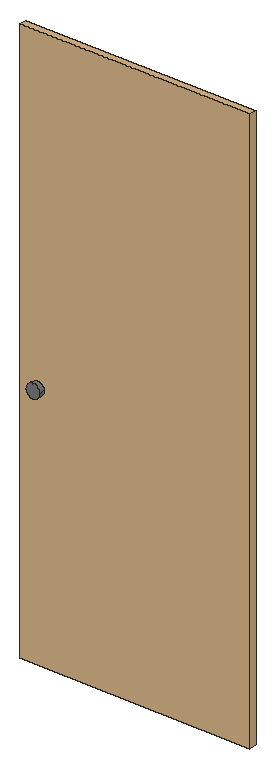
Revit family "PKNail Single", category Doors, host Wall, Revit 2017
Family settings
  Host = Wall
  Always vertical = Yes
  Cut with Voids When Loaded = No
  Shared = No
  Room Calculation Point = No
Parameters (values of type "850 x 2100mm")
  Width = 850.00 mm
  PKNail Family Lateral Orientation = "Hinged"
  PKNail Family Facing Orientation = "Swinging"
  PKNail Family = "Single"
  Height = 2100.00 mm
  Function = Interior
  Assembly Code = ""
Reference planes
  plane 1: y = 0
  plane 2 "Center (Left/Right)": x = 0
  plane 3 "Wall Edge": y = 76.2
  plane 4: x = -425
  plane 5: x = 425
  plane 6: z = 2100
Forms (mm)
  Extrusion 1, void
    sketch origin (0, 76.2, 0) x (1, 0, 0) y (0, 0, 1)
      loop
        line (425, 2100) -> (-425, 2100) -> (-425, 0) -> (425, 0) -> (425, 2100)
    from 0 to 1524
  Extrusion 2, solid, material "Door - Panel"
    sketch origin (0, 76.2, 0) x (1, 0, 0) y (0, 0, 1)
      loop
        line (425, 2100) -> (-425, 2100) -> (-425, 0) -> (425, 0) -> (425, 2100)
    from 0 to 25
  Extrusion 3, solid, material "Door - Knob"
    sketch origin (63.5, 76.2, 914.4) x (-1, 0, 0) y (0, 0, 1)
      loop
        circle (425, 0) r 25.4
    from 0 to 19
  Extrusion 4, solid, material "Door - Knob"
    sketch origin (63.5, 51.2, 914.4) x (1, 0, 0) y (0, 0, 1)
      loop
        circle (-425, 0) r 25.4
    from 0 to 19
Lines and regions (mm)
  symbolic lines
    curve 1: arc (-425.4, 76.2, 0) -> (-176.441, 677.241, 0) -> (424.6, 926.2, 0) r 850
    curve 2: line (424.6, 76.2, 0) -> (424.6, 926.2, 0)
    curve 3: line (399.6, 76.2, 0) -> (399.6, 926.2, 0)
Text (mm)
  text "Placement Side" at (0, 1019.848, 3124.603), in view "Right"
  text "Placement Side" at (-2332.134, 1152.858, 0), in view "Ref. Level"
  text "Placement Side" at (0, 2073.289, 3571.227), in view "Left"
Dimensions and locks
  locked: plane 3 "Wall Edge" to host wall
  equal spacing: plane 5, plane 2 "Center (Left/Right)", plane 4
  "Width": plane 5 to plane 4
  "Height": level to plane 6
  aligned and locked: plane 5 to Extrusion 1 sketch curve
  aligned and locked: plane 6 to Extrusion 1 sketch curve
  aligned and locked: level to Extrusion 1 sketch curve
  aligned and locked: Extrusion 1 sketch curve to plane 4
  aligned and locked: plane 5 to Extrusion 2 sketch curve
  aligned and locked: plane 6 to Extrusion 2 sketch curve
  aligned and locked: level to Extrusion 2 sketch curve
  aligned and locked: Extrusion 2 sketch curve to plane 4
Automatic sketch dimensions
  curve 1 to host wall = 0.00 mm
  curve 1 to plane 4 = 0.40 mm
  curve 3 to host wall = 0.00 mm
  curve 2 to plane 5 = 0.40 mm
  curve 2 to host wall = 0.00 mm
  curve 1 to curve 3 = 0.00 mm
  Extrusion 3 sketch curve to Extrusion 2 = 914.40 mm
  Extrusion 3 sketch curve to Extrusion 2 = 63.50 mm
  Extrusion 4 sketch curve to Extrusion 2 = 63.50 mm
  Extrusion 4 sketch curve to Extrusion 2 = 914.40 mm
  curve 3 to curve 2 = 25.00 mm
  radius of Extrusion 3 sketch curve = 25.40 mm
  radius of Extrusion 4 sketch curve = 25.40 mm
